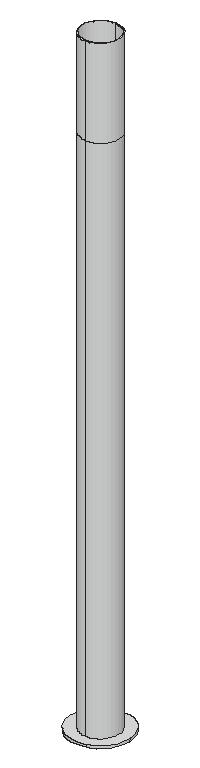
Revit family "Lighting-Surface-Amerlux-Finch-FIN18-SMA", category Lighting Fixtures, host Face, Revit 2020
Family settings
  Host = Face
  Round Connector Dimension = Use Diameter
  Part Type = Normal
  Cut with Voids When Loaded = No
  Light Source = Yes
  Shared = No
  Room Calculation Point = No
Parameters (values of type "FIN18-SMF")
  Wattage = 9.2903 W
  built-in parameter 1150110 = 1 (stored number, unit not read)
  Voltage = 0 V
  Uplight [instance] = yes
  URL = "http://www.amerlux.com/"
  built-in parameter 1114217 = 1 (stored number, unit not read)
  Tilt Angle = -90.00°
  built-in parameter 1150109 = 1 (stored number, unit not read)
  built-in parameter 1150134 = 3
  built-in parameter 1150113 = 1 (stored number, unit not read)
  Power Factor = 1
  Photometric Web File = "Load File"
  Number of Poles = 1
  built-in parameter 1150142 = (empty or 0)
  Model = "Finch"
  Manufacturer = "Amerlux"
  built-in parameter 1150105 = 109.82 (stored number, unit not read)
  Lumens = 1380 lm
  built-in parameter 1150115 = 1 (stored number, unit not read)
  built-in parameter 1150137 = (empty or 0)
  built-in parameter 1150139 = (empty or 0)
  built-in parameter 1150112 = 1 (stored number, unit not read)
  built-in parameter 1150114 = 1 (stored number, unit not read)
  built-in parameter 1150132 = (empty or 0)
  built-in parameter 1150102 = (empty or 0)
  built-in parameter 1150107 = 3200 (stored number, unit not read)
  built-in parameter 1150138 = (empty or 0)
  built-in parameter 1150106 = 1.0982 (stored number, unit not read)
  Fixture Length = 1' - 6"
  Fixture Finish = Aluminum Finish
  Fixture Angle [instance] = 90.00°
  Emit from Circle Diameter = 0' - 1 1/4"
  Emit Shape Visible in Rendering = no
  built-in parameter 1150104 = 13.8 (stored number, unit not read)
  Dimming Lamp Color Temperature Shift = <None>
  Description = "Surface Mount"
  Default Elevation = 4' - 0"
  Color Filter = 16777215
  built-in parameter 1114218 = 1 (stored number, unit not read)
  built-in parameter 1150133 = 10 (stored number, unit not read)
  Apparent Load = 0 VA
Reference planes (in)
  plane 1 "Center (Front/Back)": y = 0
  plane 2: z = 0
  plane 3 "Center (Left/Right)": x = 0
  plane 4: z = 0
  plane 5: z = 18
  plane 6: y = 3
  plane 7: y = -3
  plane 8: x = -1.73065
  plane 9: x = 1.73065
  plane 10: z = 0.4375
Forms (in)
  Extrusion 1, solid, material "Aluminum Finish"
    sketch origin (0, 0, -16.41762) x (0, 1, 0) y (-1, 0, 0)
      loop
        circle (0, 0) r 0.625
    from 16.5 to 34.41762
  Extrusion 2, solid, material "Aluminum Finish"
    sketch origin (0, 0, 0) x (1, 0, 0) y (0, 1, 0)
      loop
        circle (0, 0) r 1
    from 0 to 0.08238
Lines and regions (in)
  reference lines
    curve 1: line (0, 0, 18) -> (0, 0, 23.18388)
Dimensions and locks (in)
  plane 4 to host face = 0' - 0"
  equal spacing: plane 6, plane 1 "Center (Front/Back)", plane 7
  locked: plane 6 to plane 7 at 6
  "Fixture Length": plane 5 to host face
  diameter of Extrusion 1 sketch curve = 0' - 1 1/4"
  "Fixture Angle": angle plane 5 to curve 1
  "Fixture Angle": angle plane 5 to nested 1
  aligned and locked: plane 2 to host face
  aligned and locked: level to host face
  aligned and locked: plane 3 "Center (Left/Right)" to imposter light
  aligned and locked: plane 5 to Extrusion 1
  aligned and locked: plane 1 "Center (Front/Back)" to curve 1
  aligned and locked: plane 5 to curve 1
  aligned and locked: nested 1 to curve 1
Automatic sketch dimensions
  host sketch curve to host sketch curve = 8' - 0"  (x2)
  plane 1 "Center (Front/Back)" to Extrusion 2 sketch curve = 0' - 0"
  Extrusion 2 sketch curve to plane 3 "Center (Left/Right)" = 0' - 0"
  plane 1 "Center (Front/Back)" to Extrusion 1 sketch curve = 0' - 0"
  Extrusion 1 sketch curve to plane 3 "Center (Left/Right)" = 0' - 0"
  radius of Extrusion 2 sketch curve = 0' - 1"
Nested families (in)
  nested 1: "Family1" at (0, 0, 19.49699) x (0, 1, 0) z (1, 0, 0), type "Family1"
Connectors (in)
  electrical at (0, 0, 0), driven by "Number of Poles", driven by "Voltage", driven by "Power Factor"
    settings: on Extrusion 2, index 1, voltage 0 V, apparent load 0 VA, apparent load phase1 0 VA, apparent load phase2 0 VA, apparent load phase3 0 VA, power factor 1, load classification "Other", number of poles 1, system type 31, power factor state 1, is connector primary yes, connector utility no, sub classification motor no, connector description ""
Definition of nested family "Family1"
  Parameters
    Material = none
    Default Elevation = 4' - 0"
  Reference planes (in)
    plane 1 "Center (Front/Back)": y = 0
    plane 2: z = 0
    plane 3 "Center (Left/Right)": x = 0
  Forms (in)
    Extrusion 1, solid
      sketch origin (0, 0, 0) x (1, 0, 0) y (0, 1, 0)
        loop
          line (-48, 48) -> (-48, -48) -> (48, -48) -> (48, 48) -> (-48, 48)
      from 0 to -12
    Extrusion 2, solid, material <- "Material"
      sketch origin (0, 0.01599, 0.00763) x (1, 0, 0) y (0, 0, -1)
        loop
          circle (0, 0) r 0.625
        loop
          circle (0, 0) r 0.60579
      from -1.51299 to 1.48701
  Dimensions and locks (in)
    Extrusion 2 to Extrusion 2 = 0' - 3"
    aligned and locked: plane 2 to Extrusion 1
    aligned and locked: level to Extrusion 1
